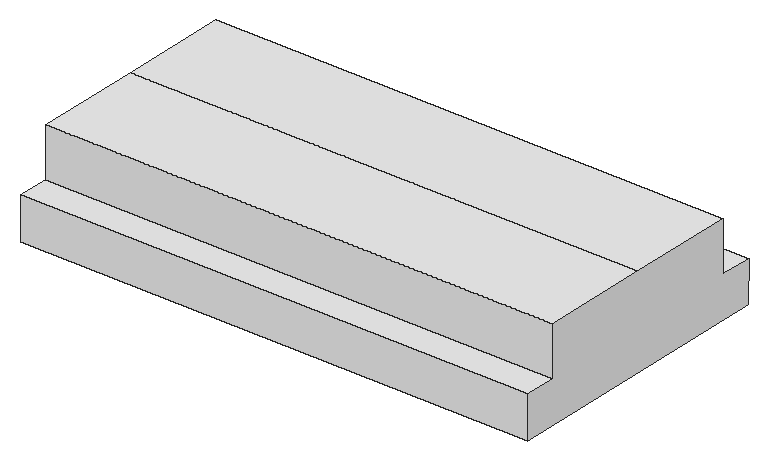
Revit family "Lighting-Control-Acclaim-UDM-W", category Lighting Fixtures, host Face, Revit 2015
Parameters
  Width = 0' - 5 151/256"
  Voltage = 0 V
  URL = "http://www.acclaimlighting.com/"
  Power Factor = 1
  Number of Poles = 1
  Model = "UDM-W"
  Manufacturer = "Acclaim Lighting"
  Length = 0' - 10 67/256"
  Lamp = "LED"
  Housing Finish = Aluminum
  Description = "Driver"
  Default Elevation = 4' - 0"
  Apparent Load = 0 VA
Reference planes (in)
  plane 1 "Center (Front/Back)": y = 0
  plane 2: z = 0
  plane 3 "Center (Left/Right)": x = 0
  plane 4: x = -2.86874
  plane 5: x = -2.08749
  plane 6: x = 2.06876
  plane 7: x = 2.85001
  plane 8: z = 3.14
  plane 9: y = 2.79492
  plane 10: y = -2.79492
  plane 11: x = -5.13086
  plane 12: x = 5.13086
Forms (in)
  Extrusion 1, solid, material "Aluminum"
    sketch origin (0, 0, 0) x (0, 1, 0) y (0, 0, 1)
      loop
        line (2.79492, 0) -> (2.79492, 0.83833) -> (2.15352, 0.83833) -> (2.15352, 1.83833) -> (0, 1.83833) -> (-2.15352, 1.83833) -> (-2.15352, 0.83833) -> (-2.79492, 0.83833) -> (-2.79492, 0) -> (2.79492, 0)
    from -5.13086 to 5.13086
Dimensions and locks (in)
  equal spacing: plane 9, plane 1 "Center (Front/Back)", plane 10
  "Width": plane 9 to plane 10
  equal spacing: plane 11, plane 3 "Center (Left/Right)", plane 12
  "Length": plane 11 to plane 12
  aligned and locked: plane 2 to host face
  aligned and locked: level to host face
  aligned and locked: Extrusion 1 to plane 11
  aligned and locked: plane 12 to Extrusion 1
Automatic sketch dimensions
  host sketch curve to host sketch curve = 8' - 0"  (x2)
  Extrusion 1 sketch curve to plane 10 = 0' - 0"
  Extrusion 1 sketch curve to plane 1 "Center (Front/Back)" = 0' - 0"
  Extrusion 1 sketch curve to plane 9 = 0' - 0"
  Extrusion 1 sketch curve to level = 0' - 0"
  Extrusion 1 sketch curve to Extrusion 1 sketch curve = 0' - 0.6414"
  plane 9 to Extrusion 1 sketch curve = 0' - 0.6414"
  level to Extrusion 1 sketch curve = 0' - 0.83833"  (x2)
  Extrusion 1 sketch curve to Extrusion 1 sketch curve = 0' - 1"
Connectors (in)
  electrical at (5.13086, 0, 0.98537), driven by "Number of Poles", driven by "Voltage", driven by "Apparent Load", driven by "Power Factor"
    settings: on Extrusion 1, index 1, voltage 0 V, apparent load 0 VA, apparent load phase1 0 VA, apparent load phase2 0 VA, apparent load phase3 0 VA, power factor 1, load classification "Other", number of poles 1, system type 31, power factor state 1, is connector primary yes, connector utility no, sub classification motor no, connector description "Power"
